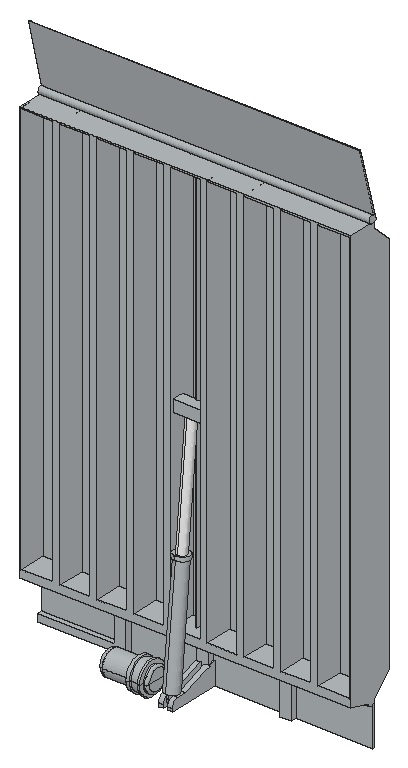
Revit family "DockEquipment_Leveler_Pentalift_HDV", category Specialty Equipment, host Face, Revit 2024
Family settings
  Host = Face
  Round Connector Dimension = Use Diameter
  Part Type = Normal
  Enable Cutting in Views = No
  Cut with Voids When Loaded = No
  Maintain Annotation Orientation = No
  Shared = No
  Room Calculation Point = No
Parameters
  YTotal [instance] = InclHeight + Unit Depth - 0' 2 1/4"  # 4' - 5 15/16"
  XDim [instance] = ((((Platform Length / 2) - 0' 0 3/4") * cos(Incline Angle)) + (0' 3 3/4" * sin(Incline Angle))) - 0' 10 1/8" + 0' 0 3/4"  # -0' - 5 5/8"
  Warranty Duration (Years) = 0
  Unit Width = 6' - 0"
  Unit Depth = 0' - 10"
  URL = "http://www.pentalift.com/index.php"
  Test Data = ""
  Specification = ""
  SpecWizard = ""
  Send Message = "http://www.arcat.com/users.pl?action=UserEmail&company=Pentalift Equipment Corp.&coid=34752&rep=119&fax=519-763-2894&mf="
  Sales Information = "http://www.pentalift.com/about-us.htm"
  Revision = "R1_1_2012"
  Product Properties = ""
  Product Data = "http://www.arcat.com/arcatcos/cos34/arc34752.html"
  Pit Length = 8' - 0"
  PistonAngle [instance] = if(PA < 0.00°, (90.00° - abs(PA)) + 90.00°, PA)  # 95.9537°
  Piston Length [instance] = abs(XDim / cos(PA))  # 4' - 6.23002"
  PL/2 [instance] = Piston Length / 2  # 2' - 3.11501"
  Platform Length = 7' - 9 7/8"
  PA [instance] = atan(YTotal / XDim)  # -84.0463°
  Model = "As Specified"
  Material = Metal - Steel - Pentalift - Painted - Gray
  Manufacturer Website = "http://www.pentalift.com/index.php"
  Manufacturer Phone - Toll Free = ""
  Manufacturer Phone = "519-763-3625"
  Manufacturer Fax = "519-763-2894"
  Manufacturer Address = "21 Nicholas Beaver Rd. Guelph, ON, Canada N1H 6H9 "
  Manufacturer = "Pentalift Equipment Corp."
  Maintenance Schedule (Months) = 0
  Lip Length [instance] = 1' - 4"
  Lip Angle [instance] = 0.00°
  Keynote = "11160"
  Installation-Fabrication = ""
  Installation Phase = ""
  Incline Angle [instance] = 90.00°
  InclHeight [instance] = (((Platform Length / 2) - 0' 0 3/4") * sin(Incline Angle)) - (0' 3 3/4" * cos(Incline Angle))  # 3' - 10 3/16"
  Green Building-LEED = ""
  Pit Extension Right [instance] = 0' - 0"
  Pit Extension Left [instance] = 0' - 0"
  Expected Lifespan (Years) = 0
  Drawn By = "Sumex Design, Inc. / Robert S. Weygant, CSI, CDT, SCIP"
  Description = "Pentalift Dock Equipment as Specified"
  Default Elevation = 4' - 0"
  Copyright = "©Arcat Inc."
  Construction Details = "http://www.arcat.com/details/pentalif/pentalif.html?coid=34752"
  Capacity (Weight) = 100.00 kip
  Building Codes = ""
  Assembly Code = "E1030300"
Reference planes (in)
  plane 1 "Center (Front/Back)": y = 0
  plane 2: z = 0
  plane 3 "Center (Left/Right)": x = 0
  plane 4: y = 48
  plane 5: y = -48
  plane 6: x = -36
  plane 7: x = 36
  plane 8: z = -10
  plane 9: x = -18
  plane 10: x = 18
  plane 11: y = 37.875
  plane 12: z = -8.5
  plane 13: z = -6
  plane 14: x = -36
  plane 15: x = 36
Forms (in)
  Extrusion 1, void
    sketch origin (0, 0, 0) x (1, 0, 0) y (0, 1, 0)
      loop
        line (-36, -48) -> (36, -48) -> (36, 48) -> (-36, 48) -> (-36, -48)
    from 0 to -10
  Sweep 2, solid, material "Metal - Steel - Pentalift - Painted - Gray" <- "Material"
    path origin (-11.83813, 48, 48) x (-1, 0, 0) y (0, 0, 1)
      loop
        line (6.16187, -58) -> (6.16187, -49.5)
    profile origin (-18, 48, -5.75) x (1, 0, 0) y (0, 1, 0)
      loop
        line (-1.25, -0.25) -> (-1.25, -1.5) -> (1.25, -1.5) -> (1.25, -0.25) -> (-1.25, -0.25)
  Sweep 3, solid, material "Metal - Steel - Pentalift - Painted - Gray" <- "Material"
    path origin (24.16187, 48, 48) x (-1, 0, 0) y (0, 0, 1)
      loop
        line (6.16187, -58) -> (6.16187, -49.5)
    profile origin (18, 48, -5.75) x (1, 0, 0) y (0, 1, 0)
      loop
        line (-1.25, -0.25) -> (-1.25, -1.5) -> (1.25, -1.5) -> (1.25, -0.25) -> (-1.25, -0.25)
  Revolve 4, solid, material "Metal - Steel - Pentalift - Painted - Gray" <- "Material"
    sketch origin (0, 37.875, -8.5) x (0, 0.103725, 0.994606) y (0, -0.994606, 0.103725)
      loop
        line (1.25, 0) -> (27.11501, 0) -> (27.11501, 1.75) -> (26.36501, 1.75) -> (26.36501, 1.5) -> (1.25, 1.5) -> (1.25, 0)
      axis (1.25, 0) -> (27.11501, 0)
    angle from 0 to 360
  Revolve 5, solid, material "Metal - Chrome - Pentalift - Polished"
    sketch origin (0, 37.875, -8.5) x (0, 0.103725, 0.994606) y (0, -0.994606, 0.103725)
      loop
        line (27.11501, 0) -> (54.23002, 0) -> (54.23002, 1) -> (27.11501, 1) -> (27.11501, 0)
      axis (27.11501, 0) -> (54.23002, 0)
    angle from 0 to 360
  Extrusion 6, solid, material "Metal - Steel - Pentalift - Painted - Gray" <- "Material"
    sketch origin (-11.83813, 48, 48) x (-1, 0, 0) y (0, 0, 1)
      loop
        line (24.16187, -49.5) -> (-47.83813, -49.5) -> (-47.83813, -58) -> (24.16187, -58) -> (24.16187, -49.5)
    from 0 to -0.25
  Extrusion 7, solid, material "Metal - Steel - Pentalift - Painted - Gray" <- "Material"
    sketch origin (-15.17702, -180, -10) x (-1, 0, 0) y (0, -1, 0)
      loop
        line (4.07298, -226.5) -> (4.07298, -227.75) -> (20.82298, -227.75) -> (20.82298, -226.5) -> (4.07298, -226.5)
    from 0 to 1.5
  Extrusion 8, solid, material "Metal - Steel - Pentalift - Painted - Gray" <- "Material"
    sketch origin (0, 0, 0) x (0, 1, 0) y (0, 0, 1)
      loop
        line (48, -10) -> (48, -4.90162) -> (39.87356, -7.875) -> (37.875, -7.875)
        arc (37.875, -7.875) -> (36.81434, -8.31434) -> (36.375, -9.375) r 1.5
        line (36.375, -9.375) -> (36.375, -10) -> (48, -10)
    from 0.5 to 1.5
  Sweep 9, solid, material "Metal - Steel - Pentalift - Painted - Gray" <- "Material"
    path origin (6.16187, 48, 48) x (-1, 0, 0) y (0, 0, 1)
      loop
        line (6.16187, -58) -> (6.16187, -49.5)
    profile origin (0, 48, -5.75) x (1, 0, 0) y (0, 1, 0)
      loop
        line (-1.25, -0.25) -> (-1.25, -1.5) -> (1.25, -1.5) -> (1.25, -0.25) -> (-1.25, -0.25)
  Revolve 10, solid, material "Metal - Steel - Pentalift - Painted - Gray" <- "Material"
    sketch origin (19.5, -180, -6) x (-1, 0, 0) y (0, -1, 0)
      loop
        line (22.5, -217.875) -> (22.5, -220.125)
        arc (22.5, -220.125) -> (22.64645, -220.47855) -> (23, -220.625) r 0.5
        line (23, -220.625) -> (23.5, -220.625) -> (23.5, -221.375) -> (24, -221.375) -> (24, -221.125) -> (25.75, -221.125) -> (25.75, -221.375) -> (26.5, -221.375) -> (26.5, -220.625) -> (32.25, -220.625)
        arc (32.25, -220.625) -> (32.95711, -220.33211) -> (33.25, -219.625) r 1
        line (33.25, -219.625) -> (33.25, -217.875) -> (22.5, -217.875)
      axis (22.5, -217.875) -> (33.25, -217.875)
    angle from 0 to 360
  Extrusion 11, solid, material "Metal - Steel - Pentalift - Painted - Gray" <- "Material"
    sketch origin (0, 37.875, -8.5) x (0, 0.103725, 0.994606) y (0, -0.994606, 0.103725)
      loop
        line (1.25, 1) -> (0, 1)
        arc (0, 1) -> (-1, 0) -> (0, -1) r 1
        line (0, -1) -> (1.25, -1) -> (1.25, 1)
    from -0.25 to 0.25
  Extrusion 12, solid, material "Metal - Steel - Pentalift - Painted - Gray" <- "Material"
    sketch origin (0, 0, 0) x (0, 1, 0) y (0, 0, 1)
      loop
        line (48, -10) -> (48, -4.90162) -> (39.87356, -7.875) -> (37.875, -7.875)
        arc (37.875, -7.875) -> (36.81434, -8.31434) -> (36.375, -9.375) r 1.5
        line (36.375, -9.375) -> (36.375, -10) -> (48, -10)
    from -0.5 to -1.5
Cuts and joins
  joined: Sweep 2, Sweep 3, Extrusion 6, Extrusion 7, Extrusion 8, Sweep 9, Extrusion 12
  joined: Revolve 4, Extrusion 11
Lines and regions (in)
  reference lines
    curve 1: line (0, 47.25, -0.75) -> (0, 47.25, 75.25)
    curve 2: line (0, 37.875, -8.5) -> (0, 43.37242, 44.21412)
Text (in)
  text "Needs electrical connection - assume this would connect to hydraulic motor..." at (51.60765, 15.26914, 0), in view "Ref. Level"
Dimensions and locks (in)
  "Unit Depth": level to plane 8
  equal spacing: plane 4, plane 1 "Center (Front/Back)", plane 5
  equal spacing: plane 6, plane 3 "Center (Left/Right)", plane 7
  "Unit Width": plane 6 to plane 7
  equal spacing: plane 6, plane 9, plane 3 "Center (Left/Right)"
  locked: plane 4 to plane 11 at 10.125
  locked: plane 12 to plane 8 at 1.5
  equal spacing: plane 3 "Center (Left/Right)", plane 10, plane 7
  "PL/2": curve 2 to Revolve 4 sketch curve
  locked: Revolve 4 sketch curve to Revolve 4 sketch curve at 0.75
  "PL/2": Revolve 5 sketch curve to curve 2
  "Piston Length": curve 2 to Revolve 5 sketch curve
  locked: plane 13 to plane 12 at 2.5
  "Pit Length": plane 4 to plane 5
  "Pit Extension Right": plane 7 to plane 15
  "Pit Extension Left": plane 14 to plane 6
  locked: plane 4 to curve 1 at 0.75
  locked: level to curve 1 at 0.75
  locked: Revolve 10 sketch curve to plane 3 "Center (Left/Right)" at 13.75
  "Incline Angle": angle level to curve 1
  "PistonAngle": angle plane 12 to curve 2
  aligned and locked: plane 2 to host face
  aligned and locked: level to host face
  aligned and locked: Extrusion 1 to plane 8
Automatic sketch dimensions
  host sketch curve to host sketch curve = 8' - 0"
  host sketch curve to host sketch curve = 9' - 11.43093"
  Extrusion 1 sketch curve to plane 4 = 0' - 0"
  Extrusion 1 sketch curve to plane 14 = 0' - 0"
  Extrusion 1 sketch curve to plane 5 = 0' - 0"
  Extrusion 1 sketch curve to plane 15 = 0' - 0"
  curve 2 to plane 11 = 0' - 0"
  curve 2 to plane 12 = 0' - 0"
  Sweep 2 sketch curve to plane 9 = 0' - 0"
  Sweep 2 sketch curve to plane 8 = 0' - 0"
  Sweep 2 sketch curve to level = 0' - 1 1/2"
  profile plane to Sweep 2 sketch curve = 0' - 1 1/4"
  Sweep 2 sketch curve to profile plane = 0' - 1 1/4"
  Sweep 2 sketch curve to plane 4 = 0' - 1 1/2"
  Sweep 2 sketch curve to plane 4 = 0' - 0 1/4"
  Sweep 3 sketch curve to plane 10 = 0' - 0"
  Sweep 3 sketch curve to plane 8 = 0' - 0"
  Sweep 3 sketch curve to level = 0' - 1 1/2"
  profile plane to Sweep 3 sketch curve = 0' - 1 1/4"
  Sweep 3 sketch curve to profile plane = 0' - 1 1/4"
  Sweep 3 sketch curve to plane 4 = 0' - 1 1/2"
  Sweep 3 sketch curve to plane 4 = 0' - 0 1/4"
  Revolve 5 sketch curve to curve 2 = 0' - 0"  (x2)
  Revolve 5 sketch curve to curve 2 = 0' - 1"
  Revolve 5 sketch curve to Revolve 5 sketch curve = 0' - 5 1/2"
  Revolve 5 sketch curve to Revolve 5 sketch curve = 0' - 1"
  Extrusion 6 sketch curve to plane 7 = 0' - 0"
  Extrusion 6 sketch curve to plane 6 = 0' - 0"
  Extrusion 6 sketch curve to plane 8 = 0' - 0"
  Extrusion 6 sketch curve to level = 0' - 1 1/2"
  Extrusion 7 sketch curve to plane 6 = 0' - 0"
  Extrusion 7 sketch curve to plane 9 = 0' - 1 1/4"
  Extrusion 7 sketch curve to plane 4 = 0' - 0 1/4"
  Extrusion 7 sketch curve to Extrusion 7 sketch curve = 0' - 1 1/4"
  Sweep 9 sketch curve to plane 3 "Center (Left/Right)" = 0' - 0"
  Sweep 9 sketch curve to plane 8 = 0' - 0"
  Sweep 9 sketch curve to level = 0' - 1 1/2"
  profile plane to Sweep 9 sketch curve = 0' - 1 1/4"
  Sweep 9 sketch curve to profile plane = 0' - 1 1/4"
  Sweep 9 sketch curve to plane 4 = 0' - 1 1/2"
  Sweep 9 sketch curve to plane 4 = 0' - 0 1/4"
  Extrusion 8 sketch curve to plane 8 = 0' - 0"
  Extrusion 11 sketch curve to curve 2 = 0' - 0"  (x3)
  curve 2 to Extrusion 11 sketch curve = 0' - 1"
  curve 2 to Extrusion 11 sketch curve = 0' - 1 1/4"
  Extrusion 12 sketch curve to plane 8 = 0' - 0"
  Extrusion 12 sketch curve to plane 11 = 0' - 0"
  Extrusion 12 sketch curve to plane 4 = 0' - 0"
  Extrusion 12 sketch curve to plane 13 = 0' - 1 7/8"
  Extrusion 12 sketch curve to plane 4 = 0' - 8.12644"
  plane 13 to Extrusion 12 sketch curve = 0' - 1.09838"
  Extrusion 12 sketch curve to plane 12 = 0' - 0 7/8"
  Revolve 4 sketch curve to curve 2 = 0' - 0"  (x2)
  curve 2 to Revolve 4 sketch curve = 0' - 1 1/4"
  Revolve 4 sketch curve to curve 2 = 0' - 1"
  Revolve 4 sketch curve to Revolve 4 sketch curve = 0' - 5 1/2"
  curve 2 to Revolve 4 sketch curve = 0' - 1 1/2"
  Revolve 4 sketch curve to Revolve 4 sketch curve = 0' - 0 1/4"
  plane 12 to Extrusion 8 sketch curve = 0' - 0 5/8"
  Extrusion 8 sketch curve to plane 11 = 0' - 1.99856"
  plane 13 to Extrusion 8 sketch curve = 0' - 1.09838"
  Extrusion 8 sketch curve to plane 11 = 0' - 0"
  plane 8 to Extrusion 8 sketch curve = 0' - 0 5/8"
  Extrusion 8 sketch curve to plane 4 = 0' - 0"
  Revolve 10 sketch curve to plane 11 = 0' - 0"  (x2)
  Revolve 10 sketch curve to plane 9 = 0' - 0"
  Revolve 10 sketch curve to Revolve 10 sketch curve = 0' - 1"
  Revolve 10 sketch curve to Revolve 10 sketch curve = 0' - 5 3/4"
  Revolve 10 sketch curve to Revolve 10 sketch curve = 0' - 0 3/4"  (x2)
  Revolve 10 sketch curve to Revolve 10 sketch curve = 0' - 1 3/4"
  Revolve 10 sketch curve to Revolve 10 sketch curve = 0' - 0 1/2"  (x4)
  Revolve 10 sketch curve to Revolve 10 sketch curve = 0' - 1 1/4"
  Revolve 10 sketch curve to plane 11 = 0' - 1 3/4"
  Revolve 10 sketch curve to plane 11 = 0' - 2 1/4"
  Revolve 10 sketch curve to Revolve 10 sketch curve = 0' - 0 1/4"
Nested families (in)
  nested 1: "Platform_HDV" at (0, 47.25, 45.4375) x (1, 0, 0) z (0, 1, 0), Material <- "Material", Unit Width <- "Unit Width", Unit Length <- "Platform Length", Lip Length <- "Lip Length", Lip Angle <- "Lip Angle", type "Platform_HDV"
    with offset 0' - 0", ll 1' - 3 1/4", Unit Width 6' - 0", Unit Length 7' - 9 7/8", Material Metal - Steel - Pentalift - Painted - Gray, Lip Length 1' - 4", Lip Angle 0.00°, FlapLength 3' - 4 15/16"
Definition of nested family "Platform_HDV"
  Parameters
    offset [instance] = 0' - 0"
    ll [instance] = Lip Length - 0' 0 3/4"  # 1' - 3 1/4"
    Warranty Duration (Years) = 0
    Unit Width [instance] = 6' - 0"
    Unit Length [instance] = 10' - 0"
    Unit Depth = 0' - 6 1/4"
    URL = "http://www.pentalift.com/index.php"
    Specification = ""
    SpecWizard = ""
    Send Message = "http://www.arcat.com/users.pl?action=UserEmail&company=Pentalift Equipment Corp.&coid=34752&rep=119&fax=519-763-2894&mf="
    Sales Information = "http://www.pentalift.com/about-us.htm"
    Revision = "R1_01-2012"
    Product Properties = ""
    Product Data = "http://www.arcat.com/arcatcos/cos34/arc34752.html"
    Model = "As Specified"
    Material [instance] = none
    Manufacturer Website = "http://www.pentalift.com/index.php"
    Manufacturer Phone - Toll Free = ""
    Manufacturer Phone = "519-763-3625 "
    Manufacturer Fax = "519-763-2894"
    Manufacturer Address = "21 Nicholas Beaver Rd. Guelph, ON, Canada N1H 6H9 "
    Manufacturer = "Pentalift Equipment Corp."
    Maintenance Schedule (Months) = 0
    Lip Length [instance] = 1' - 4"
    Lip Angle [instance] = 15.00°
    Keynote = "11160"
    Installation-Fabrication = ""
    Installation Phase = ""
    Green Building-LEED = ""
    FlapLength [instance] = (Unit Length / 2) - 0' 6"  # 4' - 6"
    Expected Lifespan (Years) = 0
    Drawn By = "Sumex Design, Inc. / Robert S. Weygant, CSI, CDT, SCIP"
    Description = "Pentalift Dock Equipment as Specified"
    Default Elevation = 4' - 0"
    Copyright = "©Arcat Inc."
    Construction Details = "http://www.arcat.com/details/pentalif/pentalif.html?coid=34752"
    Assembly Code = "E1030300"
  Reference planes (in)
    plane 1 "Center (Front/Back)": y = 0
    plane 2 "Bottom": z = 0
    plane 3 "Center (Left/Right)": x = 0
    plane 4 "Front": y = -60
    plane 5 "Back": y = 60
    plane 6 "Left": x = -36
    plane 7 "Right": x = 36
    plane 8 "Top": z = -5.5
    plane 9: y = -60.75
    plane 10: x = -28
    plane 11: x = -20
    plane 12: x = -12
    plane 13: x = -4
    plane 14: x = 4
    plane 15: x = 12
    plane 16: x = 20
    plane 17: x = 28
    plane 18: z = 0.75
    plane 19: y = 59.25
  Forms (in)
    Extrusion 1, solid, material <- "Material"
      sketch origin (0, 67, 0.75) x (0, 1, 0) y (-1, 0, 0)
        loop
          line (-7.3404, 36) -> (-127, 36) -> (-127, -36) -> (-7.3404, -36) -> (-7.3404, 36)
      from 0 to -0.25
    Extrusion 2, solid, material <- "Material"
      sketch origin (-11.94222, -60, 48) x (-1, 0, 0) y (0, 0, 1)
        loop
          line (24.05778, -47.25) -> (-47.94222, -47.25) -> (-47.94222, -53.5) -> (24.05778, -53.5) -> (24.05778, -47.25)
      from 0 to 0.25
    Extrusion 3, solid, material <- "Material"
      sketch origin (-36, 16.34522, 48) x (0, 1, 0) y (0, 0, 1)
        loop
          line (43.31438, -47.25) -> (-76.34522, -47.25) -> (-76.34522, -53.5) -> (41.54078, -53.5) -> (42.88877, -48.74983)
          arc (42.88877, -48.74983) -> (43.62138, -48.22132) -> (43.31438, -47.37173) r 0.75
          line (43.31438, -47.37173) -> (43.31438, -47.25)
      from 0 to 0.25
    Extrusion 4, solid, material <- "Material"
      sketch origin (36, 16.34522, 48) x (0, 1, 0) y (0, 0, 1)
        loop
          line (43.31438, -47.25) -> (-76.34522, -47.25) -> (-76.34522, -53.5) -> (41.54078, -53.5) -> (42.88877, -48.74983)
          arc (42.88877, -48.74983) -> (43.62138, -48.22132) -> (43.31438, -47.37173) r 0.75
          line (43.31438, -47.37173) -> (43.31438, -47.25)
      from 0 to -0.25
    Extrusion 5, solid, material <- "Material"
      sketch origin (0, -60.75, 0.25) x (0, -0.965926, -0.258819) y (0, 0.258819, -0.965926)
        loop
          line (-0.75, -0.75) -> (15.25, -0.75) -> (15.25, -0.5) -> (0.55902, -0.5)
          arc (0.55902, -0.5) -> (0, 0.75) -> (-0.55902, -0.5) r 0.75
          line (-0.55902, -0.5) -> (-0.75, -0.5) -> (-0.75, -0.75)
      from -36 to 36
    Extrusion 6, solid, material <- "Material"
      sketch origin (-11.94222, -60, 48) x (-1, 0, 0) y (0, 0, 1)
        loop
          line (16.80778, -47.5) -> (15.30778, -47.5) -> (15.30778, -53.5) -> (16.80778, -53.5) -> (16.80778, -47.5)
        loop
          line (8.80778, -47.5) -> (7.30778, -47.5) -> (7.30778, -53.5) -> (8.80778, -53.5) -> (8.80778, -47.5)
        loop
          line (0.80778, -47.5) -> (-0.69222, -47.5) -> (-0.69222, -53.5) -> (0.80778, -53.5) -> (0.80778, -47.5)
        loop
          line (-7.19222, -47.5) -> (-8.69222, -47.5) -> (-8.69222, -53.5) -> (-7.19222, -53.5) -> (-7.19222, -47.5)
        loop
          line (-15.19222, -47.5) -> (-16.69222, -47.5) -> (-16.69222, -53.5) -> (-15.19222, -53.5) -> (-15.19222, -47.5)
        loop
          line (-23.19222, -47.5) -> (-24.69222, -47.5) -> (-24.69222, -53.5) -> (-23.19222, -53.5) -> (-23.19222, -47.5)
        loop
          line (-31.19222, -47.5) -> (-32.69222, -47.5) -> (-32.69222, -53.5) -> (-31.19222, -53.5) -> (-31.19222, -47.5)
        loop
          line (-39.19222, -47.5) -> (-40.69222, -47.5) -> (-40.69222, -53.5) -> (-39.19222, -53.5) -> (-39.19222, -47.5)
        loop
          line (-11.81722, -47.5) -> (-12.06722, -47.5) -> (-12.06722, -50.5) -> (-11.81722, -50.5) -> (-11.81722, -47.5)
      from 0 to 116.25
    Extrusion 7, solid, material <- "Material"
      sketch origin (-36, 16.34522, 48) x (0, 1, 0) y (0, 0, 1)
        loop
          line (41.54078, -53.5) -> (42.88877, -48.74983)
          arc (42.88877, -48.74983) -> (43.62138, -48.22132) -> (43.31438, -47.37173) r 0.75
          line (43.31438, -47.37173) -> (43.31438, -47.25) -> (39.90478, -47.25) -> (39.90478, -53.5) -> (41.54078, -53.5)
      from 0 to 72
    Extrusion 8, solid, material <- "Material"
      sketch origin (-4, 53.27337, 48) x (0, 1, 0) y (0, 0, 1)
        loop
          line (-52.02337, -50.5) -> (-54.52337, -50.5) -> (-54.52337, -53) -> (-52.02337, -53) -> (-52.02337, -50.5)
      from 0 to 8
    Extrusion 9, solid, material <- "Material"
      sketch origin (-36, 16.34522, 48) x (0, 1, 0) y (0, 0, 1)
        loop
          line (42.65478, -47.25) -> (38.65478, -43.25) -> (-71.34522, -43.25) -> (-75.34522, -47.25) -> (42.65478, -47.25)
      from 0 to 0.25
    Extrusion 10, solid, material <- "Material"
      sketch origin (36, 16.34522, 48) x (0, 1, 0) y (0, 0, 1)
        loop
          line (42.65478, -47.25) -> (38.65478, -43.25) -> (-71.34522, -43.25) -> (-75.34522, -47.25) -> (42.65478, -47.25)
      from 0 to -0.25
  Cuts and joins
    joined: Extrusion 1, Extrusion 2, Extrusion 3, Extrusion 4, Extrusion 6, Extrusion 7, Extrusion 8, Extrusion 9, Extrusion 10
  Lines and regions (in)
    reference lines
      curve 1: line (0, -60.75, 0.25) -> (0, -85.86407, -6.4793)
      curve 2: line (0, -60.75, 0.25) -> (0, -61.33234, 2.42333)
  Dimensions and locks (in)
    equal spacing: plane 6 "Left", plane 3 "Center (Left/Right)", plane 7 "Right"
    "Unit Width": plane 6 "Left" to plane 7 "Right"
    equal spacing: plane 5 "Back", plane 1 "Center (Front/Back)", plane 4 "Front"
    "Unit Length": plane 5 "Back" to plane 4 "Front"
    locked: plane 4 "Front" to plane 9 at 0.75
    equal spacing: plane 6 "Left", plane 10, plane 11, plane 12, plane 13, plane 14, plane 15, plane 16, plane 17, plane 7 "Right"
    locked: curve 1 to level at 0.25
    "ll": Extrusion 5 sketch curve to curve 2
    locked: curve 2 to Extrusion 5 sketch curve at 0.75
    locked: plane 18 to level at 0.75
    "Unit Depth": plane 18 to plane 8 "Top"
    locked: plane 5 "Back" to plane 19 at 0.75
    locked: plane 19 to cut or joined group of Extrusion 1, Extrusion 2, Extrusion 3, Extrusion 4, Extrusion 6, Extrusion 7, Extrusion 8, Extrusion 9, Extrusion 10 at 3
    aligned and locked: Extrusion 5 to plane 6 "Left"
    aligned and locked: Extrusion 5 to plane 7 "Right"
    aligned and locked: plane 7 "Right" to Extrusion 7
    aligned and locked: plane 14 to Extrusion 8
  Automatic sketch dimensions
    curve 2 to curve 1 = 0' - 0"  (x2)
    curve 2 to curve 1 = 0' - 2 1/4"
    Extrusion 5 sketch curve to curve 1 = 0' - 0"  (x2)
    curve 1 to Extrusion 5 sketch curve = 0' - 0 1/2"
    curve 1 to Extrusion 5 sketch curve = 0' - 0 3/4"
    Extrusion 5 sketch curve to Extrusion 5 sketch curve = 0' - 0 1/4"
    Extrusion 5 sketch curve to Extrusion 5 sketch curve = 0' - 0"
    curve 1 to plane 9 = 0' - 0"
    curve 1 to plane 8 "Top" = 0' - 0.9793"
    plane 9 to curve 1 = 2' - 1.11407"
    Extrusion 2 sketch curve to plane 7 "Right" = 0' - 0"
    Extrusion 2 sketch curve to plane 6 "Left" = 0' - 0"
    Extrusion 2 sketch curve to plane 8 "Top" = 0' - 0"
    Extrusion 2 sketch curve to plane 18 = 0' - 0"
    Extrusion 1 sketch curve to plane 4 "Front" = 0' - 0"
    Extrusion 1 sketch curve to plane 5 "Back" = 0' - 0.3404"
    Extrusion 1 sketch curve to plane 7 "Right" = 0' - 0"
    Extrusion 1 sketch curve to plane 6 "Left" = 0' - 0"
    Extrusion 3 sketch curve to plane 4 "Front" = 0' - 0"
    Extrusion 3 sketch curve to plane 8 "Top" = 0' - 0"
    Extrusion 3 sketch curve to level = 0' - 0"
    Extrusion 3 sketch curve to plane 19 = 0' - 0"
    plane 19 to Extrusion 3 sketch curve = 0' - 1.364"
    plane 19 to Extrusion 3 sketch curve = 0' - 0.01602"
    Extrusion 3 sketch curve to plane 18 = 0' - 0"
    Extrusion 3 sketch curve to plane 18 = 0' - 0.12173"
    Extrusion 4 sketch curve to plane 4 "Front" = 0' - 0"
    Extrusion 4 sketch curve to plane 8 "Top" = 0' - 0"
    Extrusion 4 sketch curve to level = 0' - 0"
    Extrusion 4 sketch curve to plane 19 = 0' - 0"
    Extrusion 4 sketch curve to plane 18 = 0' - 0"
    plane 19 to Extrusion 4 sketch curve = 0' - 1.364"
    plane 19 to Extrusion 4 sketch curve = 0' - 0.01602"
    Extrusion 4 sketch curve to plane 5 "Back" = 0' - 0.3404"
    Extrusion 4 sketch curve to level = 0' - 0.74983"
    Extrusion 7 sketch curve to plane 8 "Top" = 0' - 0"
    Extrusion 7 sketch curve to plane 18 = 0' - 0"
    Extrusion 7 sketch curve to level = 0' - 0"
    Extrusion 7 sketch curve to plane 19 = 0' - 0"
    plane 19 to Extrusion 7 sketch curve = 0' - 0.01602"
    plane 19 to Extrusion 7 sketch curve = 0' - 1.364"
    plane 19 to Extrusion 7 sketch curve = 0' - 3"
    Extrusion 7 sketch curve to plane 18 = 0' - 0.12173"
    Extrusion 7 sketch curve to plane 5 "Back" = 0' - 0.3404"
    plane 1 "Center (Front/Back)" to Extrusion 8 sketch curve = 0' - 1 1/4"
    plane 8 "Top" to Extrusion 8 sketch curve = 0' - 0 1/2"
    Extrusion 8 sketch curve to plane 1 "Center (Front/Back)" = 0' - 1 1/4"
    Extrusion 8 sketch curve to level = 0' - 2 1/2"
    Extrusion 9 sketch curve to plane 18 = 0' - 0"
    plane 4 "Front" to Extrusion 9 sketch curve = 0' - 1"
    plane 4 "Front" to Extrusion 9 sketch curve = 0' - 5"
    plane 19 to Extrusion 9 sketch curve = 0' - 4 1/4"
    plane 19 to Extrusion 9 sketch curve = 0' - 0 1/4"
    plane 18 to Extrusion 9 sketch curve = 0' - 4"
    Extrusion 10 sketch curve to plane 18 = 0' - 0"
    plane 4 "Front" to Extrusion 10 sketch curve = 0' - 1"
    plane 4 "Front" to Extrusion 10 sketch curve = 0' - 5"
    plane 19 to Extrusion 10 sketch curve = 0' - 4 1/4"
    plane 19 to Extrusion 10 sketch curve = 0' - 0 1/4"
    plane 18 to Extrusion 10 sketch curve = 0' - 4"
    Extrusion 6 sketch curve to plane 8 "Top" = 0' - 0"  (x8)
    Extrusion 6 sketch curve to plane 18 = 0' - 0 1/4"  (x9)
    plane 17 to Extrusion 6 sketch curve = 0' - 0 3/4"
    Extrusion 6 sketch curve to plane 17 = 0' - 0 3/4"
    plane 16 to Extrusion 6 sketch curve = 0' - 0 3/4"
    Extrusion 6 sketch curve to plane 16 = 0' - 0 3/4"
    plane 15 to Extrusion 6 sketch curve = 0' - 0 3/4"
    Extrusion 6 sketch curve to plane 15 = 0' - 0 3/4"
    plane 14 to Extrusion 6 sketch curve = 0' - 0 3/4"
    Extrusion 6 sketch curve to plane 14 = 0' - 0 3/4"
    plane 3 "Center (Left/Right)" to Extrusion 6 sketch curve = 0' - 0 1/8"
    Extrusion 6 sketch curve to plane 3 "Center (Left/Right)" = 0' - 0 1/8"
    plane 13 to Extrusion 6 sketch curve = 0' - 0 3/4"
    Extrusion 6 sketch curve to plane 13 = 0' - 0 3/4"
    plane 12 to Extrusion 6 sketch curve = 0' - 0 3/4"
    Extrusion 6 sketch curve to plane 12 = 0' - 0 3/4"
    plane 11 to Extrusion 6 sketch curve = 0' - 0 3/4"
    Extrusion 6 sketch curve to plane 11 = 0' - 0 3/4"
    plane 10 to Extrusion 6 sketch curve = 0' - 0 3/4"
    Extrusion 6 sketch curve to plane 10 = 0' - 0 3/4"
    Extrusion 6 sketch curve to level = 0' - 2 1/2"
    radius of Extrusion 5 sketch curve = 0' - 0 3/4"
    radius of Extrusion 3 sketch curve = 0' - 0 3/4"
